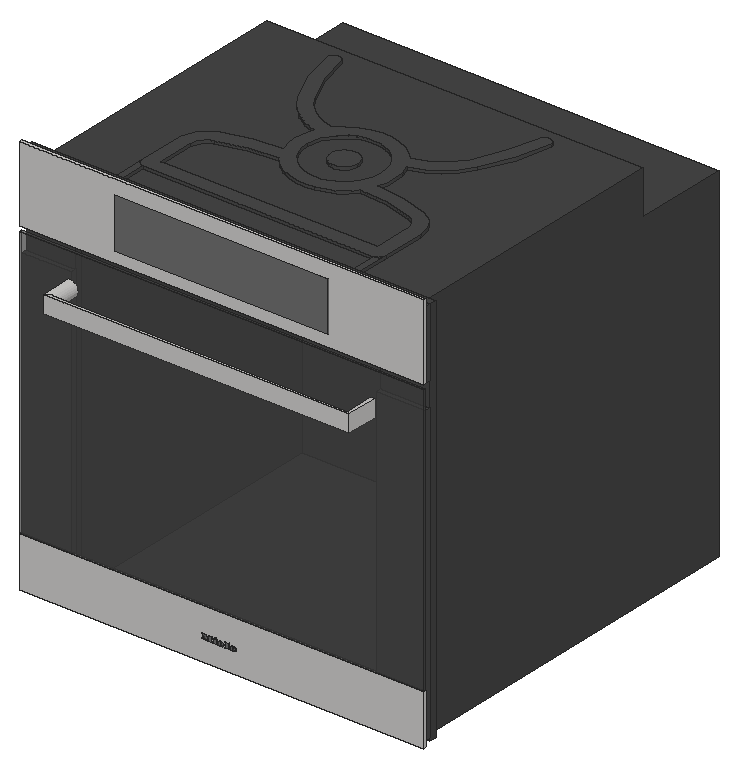
Revit family "Forno embutido básico - Miele", category Specialty Equipment, Revit 2016
Family settings
  Part Type = Normal
  Round Connector Dimension = Use Diameter
  Work Plane-Based = No
  Always vertical = Yes
  Cut with Voids When Loaded = No
  Shared = No
  Room Calculation Point = No
Parameters
  Voltage = 230
  URL = "www.miele.com.au"
  Power connection point indicator on/off = no
  Plate = Black Plastic
  Model = "H 5681 BP"
  Manufacturer = "Miele Australia Pty.Ltd."
  Keynote = ""
  Joinery cut out dimension -width = "560-568"
  Joinery cut out dimension - height = "593-595"
  Joinery cut out dimension - depth = "equal to or above 550"
  Joinery cut line on/off = yes
  Frame = Black Plastic
  Facing Panel = Cleansteel
  Face width = "595"
  Face height = "596"
  Face depth = "22"
  Door swing line on/off = yes
  Door = Black Glass
  Display Panel = Black Glass
  Description = "Ovens H 5681 BP"
  Handle = Cleansteel
  Considerations = "Please refer to installation instructions and diagrams prior to specification"
  Connection cable length = ""
  Casing = Stainless Steel
  Body width = "554"
  Body height = "575"
  Body depth = "547"
Reference planes (cm)
  plane 1 "Center (Front/Back)": y = 0
  plane 2: z = 50
  plane 3 "Center (Left/Right)": x = 0
  plane 4: y = 20.35
  plane 5: y = -20.35
  plane 6: x = -27.7
  plane 7: x = 27.7
  plane 8: z = 107.5
  plane 9: x = -25.795
  plane 10: x = 26.045
  plane 11: y = -22.55
  plane 12: z = 72.3
  plane 13: x = -29.75
  plane 14: x = 29.75
  plane 15: z = 98.45
  plane 16: z = 97.75
  plane 17: y = -27.3
  plane 18: y = -21.35
  plane 19: y = -22.15
  plane 20: z = 109.6
  plane 21: y = -23.55
  plane 22: x = -9.9167
  plane 23: x = 9.9167
  plane 24: y = 34.35
  plane 25: z = 101
  plane 26: z = 50.4
  plane 27: z = 107.9
  plane 28: x = -15.75
  plane 29: x = 15.75
  plane 30: z = 108.57
  plane 31: z = 104.025
  plane 32: x = -22.5
  plane 33: x = 22.5
Forms (cm)
  Extrusion 1, solid, material "Stainless Steel" <- "Casing"
    sketch origin (0, 0, 0) x (1, 0, 0) y (0, 1, 0)
      loop
        line (-29.75, -20.35) -> (-29.75, -21.35) -> (29.75, -21.35) -> (29.75, -20.35) -> (-29.75, -20.35)
    from 50.8 to 108.57
  Extrusion 2, solid, material "Cleansteel" <- "Facing Panel"
    sketch origin (0, 0, 0) x (0, 1, 0) y (0, 0, 1)
      loop
        line (-22.15, 109.6) -> (-22.55, 109.6) -> (-22.55, 98.45) -> (-22.15, 98.45) -> (-22.15, 109.6)
    from -29.75 to 29.75
  Extrusion 3, solid, material "Black Glass" <- "Door"
    sketch origin (0, 0, 0) x (0, 1, 0) y (0, 0, 1)
      loop
        line (-22.15, 97.75) -> (-22.55, 97.75) -> (-22.55, 57.8) -> (-22.15, 57.8) -> (-22.15, 97.75)
    from -29.75 to 29.75
  Extrusion 4, solid, material "Black Plastic" <- "Frame"
    sketch origin (0, 0, 0) x (0, 1, 0) y (0, 0, 1)
      loop
        line (-21.35, 98.45) -> (-21.35, 108.57) -> (-22.15, 108.57) -> (-22.15, 98.45) -> (-21.35, 98.45)
    from -29.75 to 29.75
  Extrusion 5, solid, material "Black Plastic" <- "Frame"
    sketch origin (0, 0, 0) x (0, 1, 0) y (0, 0, 1)
      loop
        line (-21.35, 51.2) -> (-21.35, 94.775) -> (-22.15, 94.775) -> (-22.15, 51.2) -> (-21.35, 51.2)
    from -29.75 to 29.75
  Extrusion 6, solid, material "Black Plastic" <- "Plate"
    sketch origin (0, 0, 0) x (1, 0, 0) y (0, 1, 0)
      loop
        circle (0, 0) r 2
    from 107.5 to 107.9
  Extrusion 7, solid, material "Black Plastic" <- "Plate"
    sketch origin (0, 0, 0) x (1, 0, 0) y (0, 1, 0)
      loop
        arc (-6.9025, 3.0665) -> (-7.4527, 0.2999) -> (-6.9537, -2.4764) r 7.5829
        arc (-6.9537, -2.4764) -> (-11.0933, -2.9421) -> (-15.0911, -4.1128) r 24.1327
        arc (-15.0911, -4.1128) -> (-17.2131, -5.7793) -> (-18.0148, -8.3557) r 4.5406
        line (-18.0148, -8.3557) -> (-18.0148, -14.7914)
        arc (-18.0148, -14.7914) -> (-17.7187, -15.5062) -> (-17.004, -15.8023) r 1.0109
        line (-17.004, -15.8023) -> (16.9917, -15.8023)
        arc (16.9917, -15.8023) -> (17.7008, -15.5086) -> (17.9944, -14.7996) r 1.0027
        line (17.9944, -14.7996) -> (17.9944, -8.3949)
        arc (17.9944, -8.3949) -> (17.2082, -5.8534) -> (15.1241, -4.1999) r 4.5007
        arc (15.1241, -4.1999) -> (11.1548, -3.038) -> (7.0453, -2.5718) r 24.1017
        arc (7.0453, -2.5718) -> (7.4838, -0.4933) -> (7.322, 1.6247) r 7.5
        arc (7.322, 1.6247) -> (7.1222, 2.3507) -> (6.8506, 3.0531) r 7.5001
        arc (6.8506, 3.0531) -> (10.5491, 4.8631) -> (13.2239, 7.9937) r 10.1471
        arc (13.2239, 7.9937) -> (15.2797, 12.6316) -> (16.5164, 17.5516) r 29.7092
        arc (16.5164, 17.5516) -> (15.5675, 18.3677) -> (14.5128, 17.6939) r 1.0487
        arc (14.5128, 17.6939) -> (13.3592, 13.1978) -> (11.4714, 8.9573) r 27.7092
        arc (11.4714, 8.9573) -> (9.0624, 6.2494) -> (5.7173, 4.8542) r 8.1471
        arc (5.7173, 4.8542) -> (3.0145, 6.8675) -> (-0.297, 7.4941) r 7.5
        arc (-0.297, 7.4941) -> (-3.2841, 6.7428) -> (-5.7173, 4.8542) r 7.5
        arc (-5.7173, 4.8542) -> (-9.0624, 6.2494) -> (-11.4714, 8.9573) r 8.1471
        arc (-11.4714, 8.9573) -> (-13.3592, 13.1978) -> (-14.5128, 17.6939) r 27.7092
        arc (-14.5128, 17.6939) -> (-15.5675, 18.3677) -> (-16.5164, 17.5516) r 1.0487
        arc (-16.5164, 17.5516) -> (-15.2797, 12.6316) -> (-13.2239, 7.9937) r 29.7092
        arc (-13.2239, 7.9937) -> (-10.5703, 4.8795) -> (-6.9025, 3.0665) r 10.1471
      loop
        circle (0, 0) r 5.5
      loop
        line (-15.9931, -13.7824) -> (15.9931, -13.7824) -> (15.9931, -8.396)
        arc (15.9931, -8.396) -> (15.5563, -6.9842) -> (14.3987, -6.0658) r 2.5
        arc (14.3987, -6.0658) -> (10.2464, -4.9033) -> (5.9474, -4.5693) r 22.101
        arc (5.9474, -4.5693) -> (3.9932, -6.3485) -> (1.5432, -7.3395) r 7.5
        arc (1.5432, -7.3395) -> (-2.6015, -7.0344) -> (-5.9474, -4.5693) r 7.5
        arc (-5.9474, -4.5693) -> (-10.2464, -4.9033) -> (-14.3987, -6.0658) r 22.101
        arc (-14.3987, -6.0658) -> (-15.5563, -6.9842) -> (-15.9931, -8.396) r 2.5
        line (-15.9931, -8.396) -> (-15.9931, -13.7824)
    from 107.5 to 107.9
  Extrusion 8, solid, material "Black Plastic" <- "Plate"
    sketch origin (0, 0, 0) x (1, 0, 0) y (0, 1, 0)
      loop
        line (-17.002, -20.35) -> (-17.002, -15.8023)
        arc (-17.002, -15.8023) -> (-17.7168, -15.5062) -> (-18.0148, -14.7914) r 1.0109
        line (-18.0148, -14.7914) -> (-18.0148, -20.35) -> (-17.002, -20.35)
      loop
        line (17.002, -20.35) -> (18.0148, -20.35) -> (18.0148, -14.7914)
        arc (18.0148, -14.7914) -> (17.7168, -15.5062) -> (17.002, -15.8023) r 1.0109
        line (17.002, -15.8023) -> (17.002, -20.35)
    from 107.5 to 107.9
  Sweep 9, solid, material "Cleansteel" <- "Handle"
    path origin (0, 0, 0) x (1, 0, 0) y (0, 1, 0)
      loop
        line (22.5, -22.55) -> (22.5, -27.3) -> (-22.5, -27.3) -> (-22.5, -22.55)
    profile origin (0, -27.3, 0) x (0, -1, 0) y (0, 0, 1)
      loop
        arc (0, 94.05) -> (-1.25, 92.8) -> (0, 91.55) r 1.25
        line (0, 91.55) -> (0, 94.05)
  Extrusion 10, solid, material "Stainless Steel" <- "Casing"
    sketch origin (0, 0, 0) x (0, 1, 0) y (0, 0, 1)
      loop
        line (34.35, 50) -> (34.35, 101) -> (20.35, 101) -> (20.35, 107.5) -> (-20.35, 107.5) -> (-20.35, 50) -> (34.35, 50)
    from -27.7 to 27.7
  Extrusion 11, solid, material "Cleansteel" <- "Facing Panel"
    sketch origin (0, 0, 0) x (0, 1, 0) y (0, 0, 1)
      loop
        line (-22.15, 57.8) -> (-22.55, 57.8) -> (-22.55, 50.4) -> (-22.15, 50.4) -> (-22.15, 57.8)
    from -29.75 to 29.75
  Extrusion 12, solid, material "Black Glass" <- "Display Panel"
    sketch origin (0, 0, 0.5375) x (1, 0, 0) y (0, 0, 1)
      loop
        line (-15.75, 106.9625) -> (-15.75, 99.5125) -> (15.75, 99.5125) -> (15.75, 106.9625) -> (-15.75, 106.9625)
    from 22.35 to 22.63
  Extrusion 13, void
    sketch origin (0, 0, 0) x (0, 1, 0) y (0, 0, 1)
      loop
        line (20.35, 98.45) -> (-22.15, 98.45) -> (-22.15, 52.27) -> (20.35, 52.27) -> (20.35, 98.45)
    from -22.5 to 22.5
  Extrusion 14, solid, material "Black Glass" <- "Display Panel"
    sketch origin (0, 0, 0) x (1, 0, 0) y (0, 0, 1)
      loop
        line (-2.8557, 53.3842) -> (-2.494, 53.3842) -> (-2.494, 53.522) -> (-2.593, 53.522) -> (-2.593, 53.8895) -> (-2.2259, 53.3842) -> (-1.8567, 53.8923) -> (-1.8567, 53.522) -> (-1.9579, 53.522) -> (-1.9579, 53.3842) -> (-1.3025, 53.3842) -> (-1.3025, 53.522) -> (-1.4067, 53.522) -> (-1.4067, 54.0947) -> (-1.3025, 54.0947) -> (-1.3025, 54.2281) -> (-1.8025, 54.2281) -> (-2.0428, 53.8975) -> (-2.283, 54.2281) -> (-2.8557, 54.2281) -> (-2.8557, 54.0947) -> (-2.7567, 54.0947) -> (-2.7567, 53.522) -> (-2.8557, 53.522) -> (-2.8557, 53.3842)
      loop
        line (-1.2188, 54.0286) -> (-1.2188, 53.8812) -> (-1.1205, 53.8812) -> (-1.1205, 53.522) -> (-1.2188, 53.522) -> (-1.2188, 53.3842) -> (-0.5704, 53.3842) -> (-0.5704, 53.522) -> (-0.6654, 53.522) -> (-0.6654, 54.0286) -> (-1.2188, 54.0286)
      loop
        line (-1.0155, 54.1796) -> (-0.9535, 54.0468) -> (-0.6754, 54.1764) -> (-0.7374, 54.3093) -> (-1.0155, 54.1796)
      loop
        line (0.5589, 54.0947) -> (0.6568, 54.0947) -> (0.6568, 53.522) -> (0.5589, 53.522) -> (0.5589, 53.3842) -> (1.2254, 53.3842) -> (1.2254, 53.522) -> (1.1237, 53.522) -> (1.1237, 54.2281) -> (0.5589, 54.2281) -> (0.5589, 54.0947)
      loop
        line (-0.1184, 53.7672) -> (0.0227, 53.7672) -> (0.0227, 53.8561)
        arc (0.0227, 53.8561) -> (-0.0479, 53.9266) -> (-0.1184, 53.8561) r 0.0706
        line (-0.1184, 53.8561) -> (-0.1184, 53.7672)
      loop
        line (-0.1184, 53.6622) -> (0.4305, 53.6622)
        spline (0.4305, 53.6622) -> (0.4144, 53.7642) -> (0.3669, 53.8594) -> (0.2915, 53.941) -> (0.1931, 54.0037) -> (0.0786, 54.0431) -> (-0.0443, 54.0565) -> (-0.1672, 54.0431) -> (-0.2817, 54.0037) -> (-0.3801, 53.941) -> (-0.4555, 53.8594) -> (-0.503, 53.7642) -> (-0.5191, 53.6622)
        arc (-0.5191, 53.6622) -> (-0.4435, 53.484) -> (-0.2777, 53.3842) r 0.3138
        arc (-0.2777, 53.3842) -> (0.1037, 53.3642) -> (0.4166, 53.5832) r 0.5867
        line (0.4166, 53.5832) -> (0.1688, 53.5832)
        arc (0.1688, 53.5832) -> (0.0884, 53.5005) -> (-0.0262, 53.487) r 0.1725
        arc (-0.0262, 53.487) -> (-0.0914, 53.514) -> (-0.1184, 53.5792) r 0.0922
        line (-0.1184, 53.5792) -> (-0.1184, 53.6622)
      loop
        line (1.7195, 53.7672) -> (1.8606, 53.7672) -> (1.8606, 53.8561)
        arc (1.8606, 53.8561) -> (1.79, 53.9266) -> (1.7195, 53.8561) r 0.0706
        line (1.7195, 53.8561) -> (1.7195, 53.7672)
      loop
        line (1.7195, 53.6622) -> (2.2684, 53.6622)
        spline (2.2684, 53.6622) -> (2.2523, 53.7642) -> (2.2048, 53.8594) -> (2.1294, 53.941) -> (2.031, 54.0037) -> (1.9165, 54.0431) -> (1.7936, 54.0565) -> (1.6707, 54.0431) -> (1.5562, 54.0037) -> (1.4579, 53.941) -> (1.3824, 53.8594) -> (1.335, 53.7642) -> (1.3188, 53.6622)
        arc (1.3188, 53.6622) -> (1.3945, 53.484) -> (1.5603, 53.3842) r 0.3138
        arc (1.5603, 53.3842) -> (1.9417, 53.3642) -> (2.2545, 53.5832) r 0.5867
        line (2.2545, 53.5832) -> (2.0067, 53.5832)
        arc (2.0067, 53.5832) -> (1.9263, 53.5005) -> (1.8117, 53.487) r 0.1725
        arc (1.8117, 53.487) -> (1.7465, 53.514) -> (1.7195, 53.5792) r 0.0922
        line (1.7195, 53.5792) -> (1.7195, 53.6622)
    from 22.55 to 22.65
Cuts and joins
  Extrusion 13 cuts Extrusion 1
  Extrusion 13 cuts Extrusion 2
  Extrusion 13 cuts Extrusion 3
  Extrusion 13 cuts Extrusion 4
  Extrusion 13 cuts Extrusion 5
  Extrusion 13 cuts Extrusion 10
  Extrusion 13 cuts Extrusion 11
Dimensions and locks (cm)
  equal spacing: plane 5, plane 1 "Center (Front/Back)", plane 4
  equal spacing: plane 6, plane 3 "Center (Left/Right)", plane 7
  plane 6 to plane 9 = 1.905 cm  (x2)
  plane 10 to plane 7 = 1.655 cm
  plane 11 to plane 5 = 2.2 cm
  equal spacing: plane 13, plane 3 "Center (Left/Right)", plane 14
  plane 13 to plane 14 = 59.5 cm
  plane 11 to plane 17 = 4.75 cm
  plane 5 to plane 11 = 2.2 cm
  plane 5 to plane 18 = 1.0 cm
  plane 18 to plane 19 = 0.8 cm
  plane 19 to plane 11 = 0.4 cm
  plane 21 to plane 11 = 1.0 cm
  equal spacing: plane 13, plane 22, plane 23, plane 14
  plane 24 to plane 5 = 54.7 cm
  plane 8 to plane 2 = 57.5 cm
  plane 25 to plane 2 = 51.0 cm
  plane 26 to plane 2 = 0.4 cm
  plane 16 to plane 26 = 47.35 cm
  plane 20 to plane 26 = 59.2 cm
  plane 20 to plane 15 = 11.15 cm
  plane 2 to plane 27 = 57.9 cm
  plane 20 to plane 2 = 59.6 cm  (x2)
  plane 6 to plane 7 = 55.4 cm
  plane 4 to plane 5 = 40.7 cm
  plane 20 to plane 30 = 1.03 cm
  equal spacing: plane 20, plane 31, plane 15
  cut or joined group of Extrusion 10, Extrusion 13 to cut or joined group of Extrusion 10, Extrusion 13 = 2.27 cm
  plane 28 to plane 13 = 14.0 cm
  plane 14 to plane 29 = 14.0 cm
  plane 32 to plane 13 = 7.25 cm
  aligned and locked: plane 13 to Extrusion 1 sketch curve
  aligned and locked: Extrusion 1 sketch curve to plane 14
  aligned and locked: Extrusion 1 sketch curve to plane 18
  aligned and locked: plane 19 to Extrusion 2 sketch curve
  aligned and locked: plane 15 to Extrusion 2 sketch curve
  aligned and locked: plane 11 to Extrusion 2 sketch curve
  aligned and locked: plane 19 to Extrusion 3 sketch curve
  aligned and locked: Extrusion 3 sketch curve to plane 16
  aligned and locked: plane 11 to Extrusion 3 sketch curve
  aligned and locked: Extrusion 2 to plane 13
  aligned and locked: Extrusion 3 to plane 13
  aligned and locked: plane 14 to Extrusion 2
  aligned and locked: plane 14 to Extrusion 3
  aligned and locked: Extrusion 4 sketch curve to Extrusion 1
  aligned and locked: Extrusion 4 sketch curve to Extrusion 2
  aligned and locked: plane 18 to Extrusion 5 sketch curve
  aligned and locked: Extrusion 5 sketch curve to plane 19
  aligned and locked: Extrusion 5 to plane 13
  aligned and locked: plane 14 to Extrusion 5
  aligned and locked: Extrusion 6 to plane 27
  aligned and locked: plane 8 to Extrusion 6
  aligned and locked: plane 8 to Extrusion 7
  aligned and locked: Extrusion 7 to plane 27
  aligned and locked: plane 5 to Extrusion 8 sketch curve
  aligned and locked: plane 8 to Extrusion 8
  aligned and locked: Extrusion 8 to plane 27
  aligned and locked: Extrusion 4 to plane 13
  aligned and locked: Sweep 9 sketch curve to plane 17  (x2)
  aligned and locked: plane 11 to Sweep 9 sketch curve
  aligned and locked: plane 24 to Extrusion 10 sketch curve
  aligned and locked: plane 2 to Extrusion 10 sketch curve
  aligned and locked: plane 5 to Extrusion 10 sketch curve
  aligned and locked: plane 8 to Extrusion 10 sketch curve
  aligned and locked: plane 25 to Extrusion 10 sketch curve
  aligned and locked: Extrusion 10 to plane 6
  aligned and locked: plane 7 to Extrusion 10
  aligned and locked: plane 26 to Extrusion 11 sketch curve
  aligned and locked: plane 11 to Extrusion 11 sketch curve
  aligned and locked: Extrusion 11 to plane 13
  aligned and locked: plane 14 to Extrusion 11
  aligned and locked: plane 28 to Extrusion 12 sketch curve
  aligned and locked: plane 29 to Extrusion 12 sketch curve
  aligned and locked: plane 19 to Extrusion 13 sketch curve
  aligned and locked: plane 4 to Extrusion 13
  aligned and locked: plane 20 to cut or joined group of Extrusion 2, Extrusion 13
  aligned and locked: plane 30 to Extrusion 1
  aligned and locked: plane 30 to Extrusion 4 sketch curve
  aligned and locked: Extrusion 4 to Extrusion 13
  aligned and locked: plane 15 to Extrusion 4
  aligned and locked: Sweep 9 sketch curve to plane 32
  aligned and locked: plane 33 to Sweep 9 sketch curve
  aligned and locked: Extrusion 13 to Sweep 9  (x2)
Automatic sketch dimensions
  plane 26 to Extrusion 5 sketch curve = 0.8 cm
  Extrusion 2 sketch curve to plane 8 = 2.1 cm
  Extrusion 6 sketch curve to plane 1 "Center (Front/Back)" = 0.0 cm
  Extrusion 6 sketch curve to plane 3 "Center (Left/Right)" = 0.0 cm
  Sweep 9 sketch curve to plane 11 = 0.0 cm
  Extrusion 10 sketch curve to plane 4 = 0.0 cm
  Extrusion 1 sketch curve to plane 5 = 0.0 cm
  Extrusion 11 sketch curve to plane 19 = 0.0 cm
  level to Sweep 9 sketch curve = 91.55 cm
  Sweep 9 sketch curve to Sweep 9 sketch curve = 1.25 cm
  Extrusion 12 sketch curve to plane 15 = 1.6 cm
  plane 4 to Extrusion 13 sketch curve = 0.0 cm
  Extrusion 13 sketch curve to plane 15 = 0.0 cm
  plane 8 to Extrusion 12 sketch curve = 0.0 cm
  plane 27 to Extrusion 4 sketch curve = 9.45 cm
  plane 16 to Extrusion 5 sketch curve = 2.975 cm
  plane 26 to Extrusion 3 sketch curve = 7.4 cm
  Extrusion 11 sketch curve to Extrusion 11 sketch curve = 7.4 cm
  plane 26 to Extrusion 13 sketch curve = 1.87 cm
  Extrusion 7 sketch curve to Extrusion 7 sketch curve = 0.0 cm  (x21)
  Extrusion 7 sketch curve to plane 1 "Center (Front/Back)" = 0.0 cm  (x2)
  Extrusion 7 sketch curve to plane 3 "Center (Left/Right)" = 0.0 cm
  Extrusion 7 sketch curve to plane 3 "Center (Left/Right)" = 0.297 cm
  Extrusion 7 sketch curve to plane 3 "Center (Left/Right)" = 4.3322 cm
  plane 22 to Extrusion 7 sketch curve = 3.9692 cm
  plane 22 to Extrusion 7 sketch curve = 3.5809 cm
  Extrusion 7 sketch curve to Extrusion 7 sketch curve = 0.0571 cm
  Extrusion 7 sketch curve to Extrusion 7 sketch curve = 1.1852 cm
  Extrusion 7 sketch curve to Extrusion 7 sketch curve = 1.0063 cm
  Extrusion 7 sketch curve to plane 22 = 1.5547 cm
  Extrusion 7 sketch curve to Extrusion 7 sketch curve = 1.7526 cm  (x2)
  Extrusion 7 sketch curve to Extrusion 7 sketch curve = 0.9804 cm  (x2)
  Extrusion 7 sketch curve to Extrusion 7 sketch curve = 1.0232 cm  (x2)
  plane 28 to Extrusion 7 sketch curve = 2.2757 cm
  Extrusion 7 sketch curve to Extrusion 7 sketch curve = 0.0188 cm
  plane 28 to Extrusion 7 sketch curve = 1.3513 cm
  plane 28 to Extrusion 7 sketch curve = 0.6589 cm
  Extrusion 7 sketch curve to plane 28 = 0.2431 cm
  Extrusion 7 sketch curve to plane 28 = 1.254 cm
  Extrusion 7 sketch curve to Extrusion 7 sketch curve = 1.0109 cm
  plane 3 "Center (Left/Right)" to Extrusion 7 sketch curve = 0.0 cm
  plane 3 "Center (Left/Right)" to Extrusion 7 sketch curve = 0.0001 cm  (x2)
  plane 3 "Center (Left/Right)" to Extrusion 7 sketch curve = 0.1298 cm
  plane 3 "Center (Left/Right)" to Extrusion 7 sketch curve = 1.5432 cm
  plane 3 "Center (Left/Right)" to Extrusion 7 sketch curve = 4.3322 cm
  Extrusion 7 sketch curve to plane 23 = 3.9692 cm
  Extrusion 7 sketch curve to plane 23 = 3.5238 cm
  Extrusion 7 sketch curve to Extrusion 7 sketch curve = 0.0004 cm
  Extrusion 7 sketch curve to Extrusion 7 sketch curve = 1.1334 cm
  Extrusion 7 sketch curve to Extrusion 7 sketch curve = 1.0979 cm
  Extrusion 7 sketch curve to Extrusion 7 sketch curve = 0.4714 cm
  plane 23 to Extrusion 7 sketch curve = 1.5547 cm
  plane 23 to Extrusion 7 sketch curve = 2.8929 cm
  plane 29 to Extrusion 7 sketch curve = 2.2569 cm
  Extrusion 7 sketch curve to Extrusion 7 sketch curve = 0.0007 cm
  plane 29 to Extrusion 7 sketch curve = 1.3513 cm
  plane 29 to Extrusion 7 sketch curve = 0.6259 cm
  Extrusion 7 sketch curve to plane 29 = 0.2431 cm
  Extrusion 7 sketch curve to plane 29 = 1.2417 cm
  Extrusion 7 sketch curve to Extrusion 7 sketch curve = 2.0014 cm
  plane 1 "Center (Front/Back)" to Extrusion 7 sketch curve = 2.4764 cm
  plane 1 "Center (Front/Back)" to Extrusion 7 sketch curve = 2.5718 cm
  Extrusion 7 sketch curve to Extrusion 7 sketch curve = 1.9975 cm
  Extrusion 7 sketch curve to Extrusion 7 sketch curve = 1.953 cm
  Extrusion 7 sketch curve to Extrusion 7 sketch curve = 5.3864 cm
  Extrusion 7 sketch curve to Extrusion 7 sketch curve = 1.009 cm
  Extrusion 7 sketch curve to plane 1 "Center (Front/Back)" = 0.0001 cm
  Extrusion 7 sketch curve to Extrusion 7 sketch curve = 0.0001 cm
  Extrusion 7 sketch curve to plane 1 "Center (Front/Back)" = 0.2299 cm
  Extrusion 7 sketch curve to Extrusion 7 sketch curve = 1.8011 cm
  Extrusion 7 sketch curve to Extrusion 7 sketch curve = 1.7877 cm
  Extrusion 7 sketch curve to Extrusion 7 sketch curve = 3.1396 cm
  Extrusion 7 sketch curve to Extrusion 7 sketch curve = 0.3722 cm  (x2)
  plane 4 to Extrusion 7 sketch curve = 1.9579 cm
  Extrusion 8 sketch curve to plane 5 = 0.0 cm
  Extrusion 8 sketch curve to plane 28 = 2.2648 cm
  Extrusion 8 sketch curve to Extrusion 8 sketch curve = 0.002 cm
  Extrusion 8 sketch curve to Extrusion 8 sketch curve = 1.0128 cm  (x2)
  Extrusion 8 sketch curve to plane 29 = 1.252 cm
  Extrusion 8 sketch curve to Extrusion 8 sketch curve = 1.0109 cm
  Extrusion 8 sketch curve to plane 5 = 4.5477 cm  (x2)
  Extrusion 8 sketch curve to Extrusion 8 sketch curve = 0.0 cm  (x2)
  Extrusion 14 sketch curve to plane 3 "Center (Left/Right)" = 2.8557 cm
  Extrusion 14 sketch curve to Extrusion 14 sketch curve = 0.0 cm  (x7)
  Extrusion 14 sketch curve to Extrusion 14 sketch curve = 0.099 cm  (x2)
  Extrusion 14 sketch curve to Extrusion 14 sketch curve = 0.1636 cm
  Extrusion 14 sketch curve to Extrusion 14 sketch curve = 0.31 cm
  Extrusion 14 sketch curve to Extrusion 14 sketch curve = 0.2681 cm
  Extrusion 14 sketch curve to Extrusion 14 sketch curve = 0.2402 cm
  Extrusion 14 sketch curve to Extrusion 14 sketch curve = 0.268 cm
  Extrusion 14 sketch curve to Extrusion 14 sketch curve = 0.1861 cm
  Extrusion 14 sketch curve to Extrusion 14 sketch curve = 0.0542 cm
  Extrusion 14 sketch curve to Extrusion 14 sketch curve = 0.45 cm
  Extrusion 14 sketch curve to Extrusion 14 sketch curve = 0.1042 cm  (x2)
  Extrusion 14 sketch curve to Extrusion 14 sketch curve = 0.0838 cm  (x2)
  Extrusion 14 sketch curve to Extrusion 14 sketch curve = 0.0982 cm
  Extrusion 14 sketch curve to Extrusion 14 sketch curve = 0.2033 cm
  Extrusion 14 sketch curve to Extrusion 14 sketch curve = 0.0619 cm
  Extrusion 14 sketch curve to Extrusion 14 sketch curve = 0.2781 cm
  Extrusion 14 sketch curve to Extrusion 14 sketch curve = 0.0101 cm
  Extrusion 14 sketch curve to Extrusion 14 sketch curve = 0.095 cm
  Extrusion 14 sketch curve to Extrusion 14 sketch curve = 0.0513 cm
  Extrusion 14 sketch curve to plane 3 "Center (Left/Right)" = 0.2777 cm
  Extrusion 14 sketch curve to plane 3 "Center (Left/Right)" = 0.2065 cm
  Extrusion 14 sketch curve to plane 3 "Center (Left/Right)" = 0.1184 cm  (x2)
  Extrusion 14 sketch curve to plane 3 "Center (Left/Right)" = 0.058 cm
  Extrusion 14 sketch curve to plane 3 "Center (Left/Right)" = 0.0479 cm
  Extrusion 14 sketch curve to plane 3 "Center (Left/Right)" = 0.0443 cm
  Extrusion 14 sketch curve to plane 3 "Center (Left/Right)" = 0.0262 cm
  plane 3 "Center (Left/Right)" to Extrusion 14 sketch curve = 0.012 cm
  plane 3 "Center (Left/Right)" to Extrusion 14 sketch curve = 0.1688 cm
  Extrusion 14 sketch curve to Extrusion 14 sketch curve = 0.0139 cm  (x2)
  plane 3 "Center (Left/Right)" to Extrusion 14 sketch curve = 0.5589 cm
  Extrusion 14 sketch curve to Extrusion 14 sketch curve = 0.1422 cm
  Extrusion 14 sketch curve to Extrusion 14 sketch curve = 0.0979 cm
  Extrusion 14 sketch curve to Extrusion 14 sketch curve = 0.4669 cm
  Extrusion 14 sketch curve to Extrusion 14 sketch curve = 0.1017 cm
  Extrusion 14 sketch curve to Extrusion 14 sketch curve = 0.0934 cm
  Extrusion 14 sketch curve to Extrusion 14 sketch curve = 0.3349 cm
  Extrusion 14 sketch curve to Extrusion 14 sketch curve = 0.3126 cm
  Extrusion 14 sketch curve to Extrusion 14 sketch curve = 0.0881 cm  (x2)
  Extrusion 14 sketch curve to Extrusion 14 sketch curve = 0.0605 cm
  Extrusion 14 sketch curve to Extrusion 14 sketch curve = 0.0706 cm
  Extrusion 14 sketch curve to Extrusion 14 sketch curve = 0.0741 cm
  Extrusion 14 sketch curve to Extrusion 14 sketch curve = 0.0922 cm
  Extrusion 14 sketch curve to Extrusion 14 sketch curve = 0.0563 cm
  Extrusion 14 sketch curve to Extrusion 14 sketch curve = 0.1568 cm
  plane 26 to Extrusion 14 sketch curve = 2.9842 cm  (x2)
  Extrusion 14 sketch curve to Extrusion 14 sketch curve = 0.1028 cm  (x2)
  Extrusion 14 sketch curve to Extrusion 14 sketch curve = 0.1378 cm  (x7)
  Extrusion 14 sketch curve to Extrusion 14 sketch curve = 0.004 cm
  Extrusion 14 sketch curve to Extrusion 14 sketch curve = 0.0613 cm
  Extrusion 14 sketch curve to Extrusion 14 sketch curve = 0.0829 cm
  Extrusion 14 sketch curve to Extrusion 14 sketch curve = 0.0789 cm
  Extrusion 14 sketch curve to Extrusion 14 sketch curve = 0.112 cm
  Extrusion 14 sketch curve to Extrusion 14 sketch curve = 0.105 cm
  Extrusion 14 sketch curve to Extrusion 14 sketch curve = 0.0721 cm
  Extrusion 14 sketch curve to Extrusion 14 sketch curve = 0.0889 cm
  Extrusion 14 sketch curve to Extrusion 14 sketch curve = 0.3593 cm
  Extrusion 14 sketch curve to Extrusion 14 sketch curve = 0.3676 cm
  Extrusion 14 sketch curve to Extrusion 14 sketch curve = 0.3703 cm
  Extrusion 14 sketch curve to Extrusion 14 sketch curve = 0.0052 cm
  Extrusion 14 sketch curve to Extrusion 14 sketch curve = 0.3664 cm
  Extrusion 14 sketch curve to Extrusion 14 sketch curve = 0.1655 cm
  Extrusion 14 sketch curve to Extrusion 14 sketch curve = 0.2051 cm
  Extrusion 14 sketch curve to Extrusion 14 sketch curve = 0.4325 cm
  Extrusion 14 sketch curve to Extrusion 14 sketch curve = 0.0661 cm
  Extrusion 14 sketch curve to Extrusion 14 sketch curve = 0.1479 cm
  Extrusion 14 sketch curve to Extrusion 14 sketch curve = 0.1335 cm
  Extrusion 14 sketch curve to Extrusion 14 sketch curve = 0.3359 cm
  Extrusion 14 sketch curve to Extrusion 14 sketch curve = 0.3307 cm
  radius of Extrusion 6 sketch curve = 2.0 cm
  radius of Extrusion 7 sketch curve = 5.5 cm
Connectors (cm)
  electrical at (0, 20.35, 104.25)
    settings: on cut or joined group of Extrusion 10, Extrusion 13, index 1, voltage 0 V, apparent load 0 VA, apparent load phase1 0 VA, apparent load phase2 0 VA, apparent load phase3 0 VA, power factor 1, load classification "Other", number of poles 1, system type 31, power factor state 1, is connector primary yes, connector utility no, sub classification motor no, connector description ""
